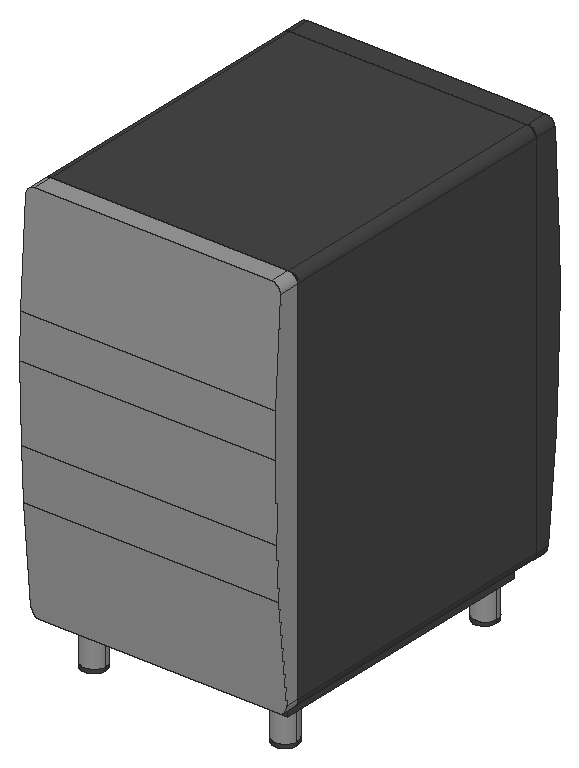
Revit family "Franke_Refrigeration_side_unit_SU12_CM-A1000_FM_CM(CN)", category Specialty Equipment, Revit 2015
Parameters (values of type "Refrigeration side unit SU12 CM-A1000 FM CM(220V/anthracite/CN)")
  Volts max. = 0 V
  URL = "https://www.franke.com/main/en/cs/products/product-search.html"
  Depth (mm) = 475 mm
  Temperature range = "+ 3° C to +8° C"
  Volts min. = 220 V
  Max Overcurrent Protection = "-"
  Cycle Alternative = 0 Hz
  Cycle = 50 Hz
  Model = "410874 - Refrigeration side unit SU12 CM - A1000 FM CM"
  Milk storage = "12 l"
  Current consumption = "0.80"
  Cost = 0
  Height (mm) = 586 mm
  Manufacturer = "Franke"
  Energy loss acc. to DIN 18873 = "0.783 kWh/24 h - 230 V"
  Width (mm) = 340 mm
  Description = "Refrigeration side unit SU12 for storage of cooled milk"
  Assembly Code = "Refrigeration side unit SU12"
  Keynote = "Refrigeration side unit SU12"
  Weight = "26 kg"
  Number of Poles = 1
  Number of Protective Conductors = "1"
  Number of Nutral Conductors = "1"
  Frontcover [instance] = Franke Anthracite
Types (3, lengths in mm): name | Frontcover
  (no name) | Franke Anthracite
  Refrigeration side unit SU12 CM-A1000 FM CM(220V/black line/CN) | Franke Black
  Refrigeration side unit SU12 CM-A1000 FM CM(220V/anthracite/CN) | Franke Anthracite
Reference planes
  plane 1 "Mitte (Vorne/Hinten)": y = 0
  plane 2: z = 0
  plane 3 "Mitte (Links/Rechts)": x = 0
Forms (mm)
  Extrusion 1, solid, material "Franke Black"
    sketch origin (0, 0, 0) x (1, 0, 0) y (0, 0, 1)
      loop
        arc (-170, 78) -> (-166.485, 69.515) -> (-158, 66) r 12
        line (-158, 66) -> (158, 66)
        arc (158, 66) -> (166.485, 69.515) -> (170, 78) r 12
        line (170, 78) -> (170, 574)
        arc (170, 574) -> (166.485, 582.485) -> (158, 586) r 12
        line (158, 586) -> (-158, 586)
        arc (-158, 586) -> (-166.485, 582.485) -> (-170, 574) r 12
        line (-170, 574) -> (-170, 78)
    from -198.03 to 198.03
  Extrusion 2, solid, material "Franke Black"
    sketch origin (0, 0, 0) x (0, 1, 0) y (0, 0, 1)
      loop
        line (186.97, 66) -> (-188.03, 66) -> (-188.03, 46) -> (186.97, 46) -> (186.97, 66)
    from -149 to 149
  Extrusion 3, solid, material "Franke Black"
    sketch origin (0, 0, 0) x (1, 0, 0) y (0, 1, 0)
      loop
        line (-139, 119.911) -> (-139, 96.511) -> (-120.3, 96.511) -> (-120.3, 119.911) -> (-139, 119.911)
      loop
        line (120.3, 119.911) -> (120.3, 96.511) -> (139, 96.511) -> (139, 119.911) -> (120.3, 119.911)
      loop
        line (120.3, -95.689) -> (120.3, -119.089) -> (139, -119.089) -> (139, -95.689) -> (120.3, -95.689)
      loop
        line (-139, -95.689) -> (-139, -119.089) -> (-120.3, -119.089) -> (-120.3, -95.689) -> (-139, -95.689)
    from 42 to 46
  Extrusion 4, solid, material "Franke Chrome"
    sketch origin (0, 0, 0) x (1, 0, 0) y (0, 1, 0)
      loop
        circle (-127.5, 166.47) r 16
      loop
        circle (-127.5, -166.13) r 16
      loop
        circle (127.5, 166.47) r 16
      loop
        circle (127.5, -166.13) r 16
    from 5 to 46
  Extrusion 5, solid, material "Franke Black"
    sketch origin (0, 0, -41) x (1, 0, 0) y (0, 1, 0)
      loop
        circle (-127.5, 166.47) r 16
      loop
        circle (-127.5, -166.13) r 16
      loop
        circle (127.5, 166.47) r 16
      loop
        circle (127.5, -166.13) r 16
    from 41 to 46
  Extrusion 6, solid, material "Franke Anthracite" <- "Frontcover"
    sketch origin (0, 0, 0) x (0, 1, 0) y (0, 0, 1)
      loop
        line (-199.53, 586) -> (-226.03, 586)
        arc (-226.03, 586) -> (-230.938, 512.688) -> (-234.804, 439.314) r 5166.525
        arc (-234.804, 439.314) -> (-235.718, 409.388) -> (-235.736, 379.448) r 1000
        arc (-235.736, 379.448) -> (-234.928, 328.403) -> (-233.97, 277.36) r 17389.365
        arc (-233.97, 277.36) -> (-232.66, 242.583) -> (-230.141, 207.872) r 1000
        arc (-230.141, 207.872) -> (-223.415, 136.903) -> (-216.03, 66) r 7668.804
        line (-216.03, 66) -> (-199.53, 66) -> (-199.53, 586)
    from -170 to 170
  Extrusion 7, solid, material "Franke Black"
    sketch origin (0, 0, 0) x (0, 1, 0) y (0, 0, 1)
      loop
        line (228.03, 586) -> (199.53, 586) -> (199.53, 66) -> (216.03, 66)
        arc (216.03, 66) -> (223.625, 137.651) -> (230.787, 209.347) r 11934.303
        arc (230.787, 209.347) -> (233.53, 243.904) -> (235.074, 278.535) r 1000
        arc (235.074, 278.535) -> (236.278, 326.896) -> (237.256, 375.262) r 10374.963
        arc (237.256, 375.262) -> (237.334, 405.934) -> (236.472, 436.595) r 1000
        arc (236.472, 436.595) -> (232.736, 511.325) -> (228.03, 586) r 5764.394
    from -170 to 170
  Extrusion 8, solid, material "Franke Black"
    sketch origin (0, 0, 0) x (1, 0, 0) y (0, 0, 1)
      loop
        line (-120, 576) -> (-120, 66) -> (120, 66) -> (120, 576) -> (-120, 576)
    from 198.03 to 199.53
  Extrusion 9, solid, material "Franke Black"
    sketch origin (0, 397.56, 0) x (1, 0, 0) y (0, 0, 1)
      loop
        line (-120, 576) -> (-120, 66) -> (120, 66) -> (120, 576) -> (-120, 576)
    from 198.03 to 199.53
  Extrusion 10, void
    sketch origin (0, 0, 0) x (1, 0, 0) y (0, 0, 1)
      loop
        line (-158, 586) -> (-158, 596) -> (-180, 596) -> (-180, 574) -> (-170, 574)
        arc (-170, 574) -> (-166.485, 582.485) -> (-158, 586) r 12
      loop
        arc (158, 586) -> (166.485, 582.485) -> (170, 574) r 12
        line (170, 574) -> (180, 574) -> (180, 596) -> (158, 596) -> (158, 586)
      loop
        arc (-158, 66) -> (-166.485, 69.515) -> (-170, 78) r 12
        line (-170, 78) -> (-180, 78) -> (-180, 56) -> (-158, 56) -> (-158, 66)
      loop
        line (158, 66) -> (158, 56) -> (180, 56) -> (180, 78) -> (170, 78)
        arc (170, 78) -> (166.485, 69.515) -> (158, 66) r 12
    from -296.752 to 350.669
  Extrusion 11, void
    sketch origin (0, 0, 0) x (1, 0, 0) y (0, 1, 0)
      loop
        circle (-2, 69.416) r 50
    from 0 to 56
  Extrusion 12, solid, material "Franke Chrome"
    sketch origin (0, 0, 0) x (1, 0, 0) y (0, 1, 0)
      loop
        circle (0, 95.015) r 2.5
    from 46 to 56
Cuts and joins
  Extrusion 11 cuts Extrusion 2
  Extrusion 10 cuts Extrusion 6
  Extrusion 10 cuts Extrusion 7
Dimensions and locks
  aligned and locked: level to plane 2
Connectors
  electrical at (0, 95.015, 46), driven by "Volts min.", driven by "Number of Poles"
    settings: on Extrusion 12, index 1, voltage 220 V, apparent load 0 VA, apparent load phase1 0 VA, apparent load phase2 0 VA, apparent load phase3 0 VA, power factor 1, load classification "Strom", number of poles 1, system type 31, power factor state 1, is connector primary yes, connector utility no, sub classification motor no, connector description ""
